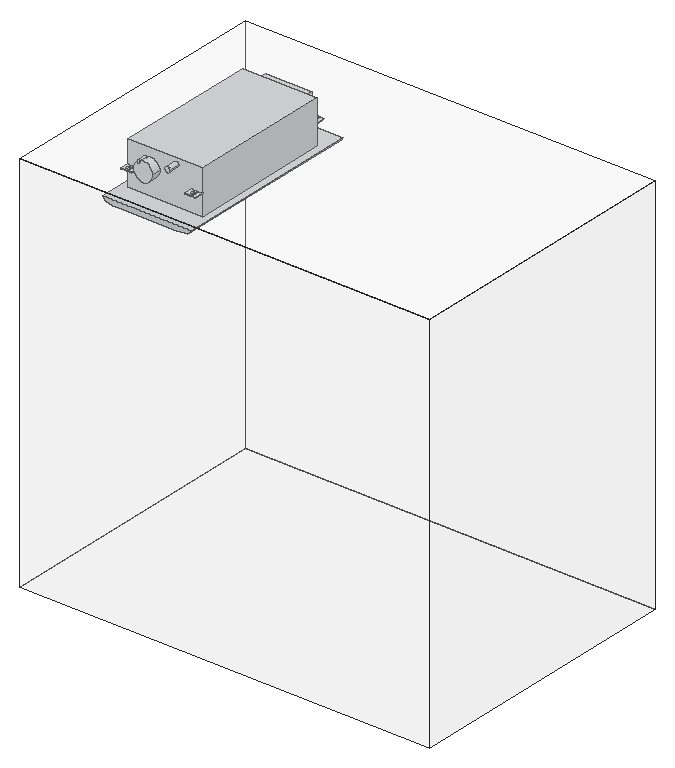
Revit family "pmfy-p22_45bmg7_60Hz", category 機械設備, Revit 2019
Family settings
  丸型コネクタ寸法 = 直径を使用
  パーツ タイプ = 標準
  OmniClass 番号 = 23.75.10.24.21.27.27
  OmniClass タイトル = Split System Air Conditioning Units
  作業面ベース = いいえ
  常に垂直 = はい
  ロード時にボイドで切り取り = いいえ
  共有 = いいえ
  部屋計算ポイント = はい
Parameters (values of type "天井1方向_PMFY-P22BMG7")
  風量_静 (m3/min) = 6.5
  風量_強 (m3/min) = 8.7
  風量_弱 (m3/min) = 7.2
  風量_中 (m3/min) = 8
  風量 = MAX風量  # 522.0 m³/h
  音響パワーレベル（静）(dB) = 43
  音響パワーレベル（強）(dB) = 50
  音響パワーレベル（弱）(dB) = 45
  音響パワーレベル（中）(dB) = 48
  電源種別 = ""
  電源_H = 0 mm
  電圧_電気ヒーター = 0 V
  電圧 = 200 V
  電動機出力_送風機 = 0.028 kW
  運転質量 = 0.00 kg
  連動 = ""
  質量 = if(製品質量 > 運転質量, 製品質量, 運転質量) * 1.2  # 20.40 kg
  負荷分類 = 3_ファン類
  構成品番 = "PMFY-P22BMG7"
  冷媒液管位置-Z = 96 mm
  冷媒液管位置-Y = 43 mm
  冷媒液管位置-X = 254 mm
  冷媒ガス管位置-Z = 176 mm
  冷媒ガス管位置-Y = 46 mm
  冷媒ガス管位置-X = 302 mm
  ドレン管径 (外径) = 26.00 mm
  ドレン管位置-Z = 198 mm
  ドレン管位置-Y = 56 mm
  ドレン管位置-X = 141 mm
  サービススペース = yes
  URL = "https://www.mitsubishielectric.co.jp/ldg/wink/ssl/displayProduct.do?pid=305430"
  Panel Width = 1000 mm
  Panel Height = 30 mm
  Panel Depth = 470 mm
  MIN２風量 = [風量_静 (m3/min)] * 60.0 m³/h  # 390.0 m³/h
  MIN風量 = [風量_弱 (m3/min)] * 60.0 m³/h  # 432.0 m³/h
  MID風量 = [風量_中 (m3/min)] * 60.0 m³/h  # 480.0 m³/h
  MAX風量 = [風量_強 (m3/min)] * 60.0 m³/h  # 522.0 m³/h
  説明 = "ビル用マルチエアコン 室内ユニット 1方向天井カセット形"
  設計暖房能力 = 0.00 kW
  設計冷房能力_顕熱 = 0 kW
  設計冷房能力 = 0 kW
  設置方法 = "カセット形"
  記号 = ""
  製造元 = "三菱電機株式会社"
  製品質量 = 17.00 kg
  製品出荷対象 = "国内"
  製品リリース年月 = "2021/07/22"
  製品グループ = ""
  系統 = ""
  符号 = "ACP-CK1"
  積算_科目 = "1 空気調和設備"
  積算_拾い区分 [instance] = ""
  相 = 1
  盤記号 = ""
  発停方法 = "付属スイッチ"
  特殊仕様 = ""
  火災停止 = ""
  消費電力_電気ヒーター = 0.00 kW
  消費電力_暖房 = 0.035 kW
  消費電力_加湿器 = 0.00 kW
  消費電力_冷房 = 0.035 kW
  消費電力 = if(消費電力_冷房 > 消費電力_暖房, 消費電力_冷房, 消費電力_暖房) + 消費電力_加湿器 + 消費電力_電気ヒーター  # 0.035 kW
  法定耐用年数 = "6"
  極数 = 1
  材質 = ""
  本体マテリアル = none
  有効加湿量 = 0
  暖房能力 = 2.50 kW
  推奨ブレーカー容量 = 15 A
  形式_加湿器 = ""
  形式 = "1方向天井カセット形"
  幹線記号 = ""
  始動方式 = "直入"
  呼称 = "パッケージ形空気調和機_室内機"
  周波数 = 60 Hz
  吊り位置Y = 811 mm
  吊り位置X = 340 mm
  吊りボルト_H = 110 mm
  台数_手元リモコン = ""
  台数_冷媒分岐ユニット = ""
  参照している仕様書等のバージョン = "公共建築工事標準仕様書（機械設備工事編）平成31年度版"
  加湿給水管径 = 0.00 mm
  分類コード = "50053003221010"
  分類グループ = ""
  冷房能力 = 2.2 kW
  冷媒高低圧ガス管径 = 0.00 mm
  冷媒管径符号 = "Ac"
  冷媒管径 = 100.00 mm
  冷媒液管径 = 6.35 mm
  冷媒ガス管径 = 12.70 mm
  企業コード = "108420"
  付属品_フィルター = ""
  付属品 = ""
  仕様書バージョン = "Version1.0"
  Model = ""
  パネルマテリアル = none
  ドレン管径 = 20.00 mm
  コメント [instance] = ""
  ケーブル種類 = ""
  ケーブルサイズ = 1.6 mm
  Width = 812 mm
  Version = ""
  Uniclass2015Version = "Systems v1.9"
  Uniclass2015Title = "Split coil remote air cooled condensing units"
  Uniclass2015Code = "Pr_70_65_03_84"
  SpecificationReference = ""
  SpecificationDescription = ""
  Revision = ""
  ProductInformation = ""
  OmniClassCode = "23-33 17 13 11"
  IfcTypeProduct = ""
  IfcProduct = ""
  IfcExportType = "AIRCONDITIONINGUNIT"
  IfcExportAs = "IfcUnitaryEquipmentType"
  Height = 230 mm
  Depth = 395 mm
  価格 = 0
  Clearance Top = 235 mm
  Clearance Right = 1500 mm
  Clearance Left = 200 mm
  Clearance Front = 300 mm
  Clearance Bottom = 1800 mm
  Clearance Back = 200 mm
  Author = "三菱電機株式会社"
Types (4, lengths in mm): name | 風量_静 (m3/min) | 風量_強 (m3/min) | 風量_弱 (m3/min) | 風量_中 (m3/min) | 風量 | 音響パワーレベル（静）(dB) | 音響パワーレベル（強）(dB) | 音響パワーレベル（弱）(dB) | 音響パワーレベル（中）(dB) | 構成品番 | URL | MIN２風量 | MIN風量 | MID風量 | MAX風量 | 消費電力_暖房 | 消費電力_冷房 | 消費電力 | 暖房能力 | 冷房能力
  天井1方向_PMFY-P22BMG7 | 6.5 | 8.7 | 7.2 | 8 | 522.0 m³/h | 43 | 50 | 45 | 48 | "PMFY-P22BMG7" | "https://www.mitsubishielectric.co.jp/ldg/wink/ssl/displayProduct.do?pid=305430" | 390.0 m³/h | 432.0 m³/h | 480.0 m³/h | 522.0 m³/h | 0.035 kW | 0.035 kW | 0.035 kW | 2.50 kW | 2.2 kW
  天井1方向_PMFY-P28BMG7 | 7.3 | 9.3 | 8 | 8.6 | 558.0 m³/h | 47 | 52 | 48 | 50 | "PMFY-P28BMG7" | "https://www.mitsubishielectric.co.jp/ldg/wink/ssl/displayProduct.do?pid=305431" | 438.0 m³/h | 480.0 m³/h | 516.0 m³/h | 558.0 m³/h | 0.037 kW | 0.037 kW | 0.037 kW | 3.20 kW | 2.8 kW
  天井1方向_PMFY-P36BMG7 | 7.3 | 9.3 | 8 | 8.6 | 558.0 m³/h | 47 | 52 | 48 | 50 | "PMFY-P36BMG7" | "https://www.mitsubishielectric.co.jp/ldg/wink/ssl/displayProduct.do?pid=305432" | 438.0 m³/h | 480.0 m³/h | 516.0 m³/h | 558.0 m³/h | 0.037 kW | 0.037 kW | 0.037 kW | 4.00 kW | 3.6 kW
  天井1方向_PMFY-P45BMG7 | 7.7 | 10.7 | 8.7 | 9.7 | 642.0 m³/h | 49 | 55 | 51 | 53 | "PMFY-P45BMG7" | "https://www.mitsubishielectric.co.jp/ldg/wink/ssl/displayProduct.do?pid=305433" | 462.0 m³/h | 522.0 m³/h | 582.0 m³/h | 642.0 m³/h | 0.045 kW | 0.045 kW | 0.045 kW | 5.00 kW | 4.5 kW
Reference planes
  plane 1 "中心(正面/背面)": y = 0
  plane 2: z = 0
  plane 3 "中心(左/右)": x = 0
  plane 4: x = -197.5
  plane 5: x = 197.5
  plane 6: z = 230
  plane 7: y = -379.5
  plane 8: y = 500
  plane 9: y = -500
  plane 10: y = 405.5
  plane 11: y = -405.5
  plane 12: x = -170
  plane 13: x = 170
  plane 14: y = 300
  plane 15: z = 110
  plane 16: y = 700
  plane 17: y = -800
  plane 18: x = 235
  plane 19: x = -235
  plane 20: x = 1735
  plane 21: x = -435
  plane 22: z = -1800
  plane 23: z = 235
  plane 24: z = -30
  plane 25: y = 432.5
  plane 26: x = 56.5
  plane 27: x = -56.5
  plane 28: x = -104.5
  plane 29: y = -422.5
  plane 30: y = -435.5
  plane 31: y = -425.5
  plane 32: z = 198
  plane 33: z = 176
  plane 34: z = 96
  plane 35: z = 150
  plane 36: x = 73.5
Dimensions and locks
  equal spacing: plane 4, plane 3 "中心(左/右)", plane 5
  "Depth": plane 4 to plane 5
  "Height": plane 6 to level
  equal spacing: plane 8, plane 1 "中心(正面/背面)", plane 9
  "Panel Width": plane 8 to plane 9
  equal spacing: plane 11, plane 1 "中心(正面/背面)", plane 10
  "吊り位置Y": plane 11 to plane 10
  equal spacing: plane 12, plane 3 "中心(左/右)", plane 13
  "吊り位置X": plane 12 to plane 13
  "Clearance Back": plane 16 to plane 8
  "Clearance Front": plane 9 to plane 17
  equal spacing: plane 19, plane 3 "中心(左/右)", plane 18
  "Panel Depth": plane 19 to plane 18
  "Clearance Left": plane 21 to plane 19
  "Clearance Bottom": level to plane 22
  "Clearance Top": plane 23 to level
  "Panel Height": level to plane 24
  "Width": plane 7 to plane 25
  "ドレン管位置-X": plane 26 to plane 5
  "冷媒液管位置-X": plane 27 to plane 5
  "冷媒ガス管位置-X": plane 28 to plane 5
  "冷媒液管位置-Y": plane 29 to plane 7
  "ドレン管位置-Y": plane 30 to plane 7
  "冷媒ガス管位置-Y": plane 7 to plane 31
  "ドレン管位置-Z": plane 32 to plane 2
  "冷媒ガス管位置-Z": plane 33 to plane 2
  "冷媒液管位置-Z": plane 34 to plane 2
  "Clearance Right": plane 18 to plane 20
  aligned and locked: level to plane 2
  aligned and locked: nested 2 to plane 12
  aligned and locked: plane 13 to nested 2
  aligned and locked: plane 10 to nested 2
  aligned and locked: plane 11 to nested 2  (x2)
  aligned and locked: nested 2 to plane 10
  aligned and locked: nested 2 to plane 13
  aligned and locked: plane 12 to nested 2
  aligned and locked: nested 3 to plane 16
  aligned and locked: plane 17 to nested 3
  aligned and locked: plane 20 to nested 3
  aligned and locked: nested 3 to plane 21
  aligned and locked: nested 3 to plane 23
  aligned and locked: nested 3 to plane 22
Nested families
  nested 1: "PMFY-P○○BMG7" at (0, 0, 0), type "PMFY-P○○BMG7"
    with ユニット表示 yes
  nested 2: "固定点" at (-170, -405.5, 110), type "固定点"
    with W 340 mm, D 811 mm
  nested 3: "サービススペース" at (650, -50, -782.5), visible <- "サービススペース", type "サービススペース"
    with Width 2170 mm, Height 2035 mm, Depth 1500 mm
Connectors
  electrical at (73.5, 431.602, 150), driven by "極数", driven by "負荷分類", driven by "電圧", driven by "消費電力"
    settings: on nested 1, index 1, voltage 200 V, apparent load 35 VA, apparent load phase1 0 VA, apparent load phase2 0 VA, apparent load phase3 0 VA, power factor 1, load classification "3_ファン類", number of poles 1, system type 30, power factor state 1, is connector primary yes, connector utility no, sub classification motor no, connector description ""
  piping at (-80.5, -425.5, 136), diameter 100, driven by "冷媒管径", driven by "冷媒管径符号"
    settings: on nested 1, index 2, connector inside diameter 609.60 mm, connector length 0 mm, flow factor 0, pipe flow 0.0 L/s, pressure drop 0.0 Pa, fitting loss kfactor 0, connector angle 0.00°, fixture units 0, engagement length 0 mm, angle of deflection 0.00°, flow configuration 1, flow direction 1, fitting loss method 4, system type 7, joint type 0, gender type 0, connector reference index -1, connector utility 0, adjustable connector no, is connector primary yes, connector description "Ac"
  piping at (56.5, -435.5, 198), diameter 26, driven by "ドレン管径 (外径)"
    settings: on nested 1, index 3, connector inside diameter 609.60 mm, connector length 0 mm, flow factor 0, pipe flow 0.0 L/s, pressure drop 0.0 Pa, fitting loss kfactor 0, connector angle 0.00°, fixture units 0, engagement length 0 mm, angle of deflection 0.00°, flow configuration 1, flow direction 2, fitting loss method 4, system type 16, joint type 0, gender type 0, connector reference index -1, connector utility 0, adjustable connector no, is connector primary no, connector description ""
Definition of nested family "PMFY-P○○BMG7"
  Parameters (values of type "PMFY-P○○BMG7")
    配線取出口サイズ = 30 mm
    電線用ノックアウト穴Z = 150 mm
    電線用ノックアウト穴X = 124 mm
    液配管サイズ = 6.35 mm
    冷媒ガス管位置-Z = 176 mm
    パネル外形-X = 470 mm
    パネル外形-Y = 幅さ + 188 mm  # 1000 mm
    高さ = 230 mm
    奥行き = 395 mm
    吊りボルト_H = 110 mm
    冷媒配管 = 100 mm
    冷媒液管位置-Z = 96 mm
    冷媒液管位置-Y = 43 mm
    冷媒液管位置-X = 254 mm
    冷媒ガス管位置-Y = 46 mm
    冷媒ガス管位置-X = 302 mm
    ユニット表示 [instance] = yes
    ボルトピッチ = 340 mm
    ドレン配管サイズ = 20 mm
    ドレン管位置-Z = 198 mm
    ドレン管位置-Y = 56 mm
    ドレン管位置-X = 141 mm
    ドレン管径 (外径) = 26 mm
    ガス配管サイズ = 12.7 mm
    D = 811 mm
    幅さ = 812 mm
  Reference planes
    plane 1 "中心(正面/背面)": y = 0
    plane 2: z = 0
    plane 3 "中心(左/右)": x = 0
    plane 4: y = 500
    plane 5: y = 379.5
    plane 6: y = -500
    plane 7: x = -235
    plane 8: x = 235
    plane 9: x = -197.5
    plane 10: x = 197.5
    plane 11: y = 432.5
    plane 12: y = -379.5
    plane 13: z = 230
    plane 14: y = 405.5
    plane 15: y = -405.5
    plane 16: x = -170
    plane 17: x = 170
    plane 18: z = 110
    plane 19: z = 111
    plane 20: z = 109
    plane 21: y = -435.5
    plane 22: x = 56.5
    plane 23: z = 198
    plane 24: x = -104.5
    plane 25: x = -56.5
    plane 26: y = -422.5
    plane 27: y = -425.5
    plane 28: z = 176
    plane 29: z = 96
    plane 30: x = 73.5
    plane 31: z = 150
    plane 32: y = 425.5
  Forms (mm)
    Extrusion 1, void
      sketch origin (0, 0, -30) x (0, -1, 0) y (1, 0, 0)
        loop
          line (-500, 195) -> (-290, 195) -> (-290, 125)
          arc (-290, 125) -> (-287.071, 117.929) -> (-280, 115) r 10
          line (-280, 115) -> (280, 115)
          arc (280, 115) -> (287.071, 117.929) -> (290, 125) r 10
          line (290, 125) -> (290, 195) -> (497.5, 195) -> (500, 197.5) -> (-500, 197.5) -> (-500, 195)
      from 0 to 8
    Extrusion 2, solid, visible <- "ユニット表示", detail levels fine
      sketch origin (0, 0, -30) x (0, -1, 0) y (1, 0, 0)
        loop
          line (-280, 129.824) -> (280, 129.824) -> (280, 189.824) -> (-280, 189.824) -> (-280, 129.824)
      from 0 to 8
    Extrusion 3, solid, visible <- "ユニット表示", detail levels fine
      sketch origin (0, 0, 0) x (1, 0, 0) y (0, 1, 0)
        loop
          line (-197.5, 379.5) -> (-197.5, -379.5) -> (197.5, -379.5) -> (197.5, 379.5) -> (-197.5, 379.5)
      from 0 to 230
    Extrusion 4, solid, visible <- "ユニット表示", detail levels fine
      sketch origin (0, 0, 0) x (1, 0, 0) y (0, 0, 1)
        loop
          circle (-80.5, 136) r 50
      from 379.5 to 425.5
    Extrusion 5, solid, visible <- "ユニット表示", detail levels fine
      sketch origin (0, 0, 0) x (1, 0, 0) y (0, 0, 1)
        loop
          circle (-104.5, 176) r 6.35
      from 425.5 to 379.5
    Extrusion 6, solid, visible <- "ユニット表示", detail levels fine
      sketch origin (0, 0, 0) x (1, 0, 0) y (0, 0, 1)
        loop
          circle (-56.5, 96) r 3.175
      from 422.5 to 379.5
    Extrusion 7, solid, visible <- "ユニット表示", detail levels fine
      sketch origin (0, 0, 0) x (1, 0, 0) y (0, 0, 1)
        loop
          circle (73.5, 150) r 15
      from -432.5 to -431.602
    Extrusion 8, solid, visible <- "ユニット表示", detail levels fine
      sketch origin (0, 0, 0) x (1, 0, 0) y (0, 0, 1)
        loop
          circle (56.5, 198) r 13
      from 379.5 to 435.5
    Extrusion 9, solid, visible <- "ユニット表示", detail levels fine
      sketch origin (0, 0, 0) x (1, 0, 0) y (0, 1, 0)
        loop
          line (-142, -425.5) -> (-142, -379.5) -> (-198, -379.5) -> (-198, -425.5) -> (-174, -425.5) -> (-174, -415.5)
          arc (-174, -415.5) -> (-183.963, -405.481) -> (-173.963, -395.5) r 10
          line (-173.963, -395.5) -> (-166.009, -395.5)
          arc (-166.009, -395.5) -> (-156.009, -405.496) -> (-166, -415.5) r 10
          line (-166, -415.5) -> (-166, -425.5) -> (-142, -425.5)
        loop
          line (142, -379.5) -> (142, -425.5) -> (166, -425.5) -> (166, -415.5)
          arc (166, -415.5) -> (156.009, -405.496) -> (166.009, -395.5) r 10
          line (166.009, -395.5) -> (173.963, -395.5)
          arc (173.963, -395.5) -> (183.963, -405.481) -> (174, -415.5) r 10
          line (174, -415.5) -> (174, -425.5) -> (198, -425.5) -> (198, -379.5) -> (142, -379.5)
        loop
          line (-142, 379.5) -> (-142, 425.5) -> (-166, 425.5) -> (-166, 415.5)
          arc (-166, 415.5) -> (-156.009, 405.496) -> (-166.009, 395.5) r 10
          line (-166.009, 395.5) -> (-173.963, 395.5)
          arc (-173.963, 395.5) -> (-183.963, 405.481) -> (-174, 415.5) r 10
          line (-174, 415.5) -> (-174, 425.5) -> (-198, 425.5) -> (-198, 379.5) -> (-142, 379.5)
        loop
          line (142, 425.5) -> (142, 379.5) -> (198, 379.5) -> (198, 425.5) -> (174, 425.5) -> (174, 415.5)
          arc (174, 415.5) -> (183.963, 405.481) -> (173.963, 395.5) r 10
          line (173.963, 395.5) -> (166.009, 395.5)
          arc (166.009, 395.5) -> (156.009, 405.496) -> (166, 415.5) r 10
          line (166, 415.5) -> (166, 425.5) -> (142, 425.5)
      from 109 to 111
    Extrusion 10, solid, visible <- "ユニット表示", detail levels fine
      sketch origin (0, 0, 0) x (1, 0, 0) y (0, 0, 1)
        loop
          line (-149.931, -30) -> (158.916, -30)
          arc (158.916, -30) -> (178.298, -28.765) -> (197.5, -25.851) r 223.291
          arc (197.5, -25.851) -> (205.218, -24.191) -> (212.873, -22.259) r 223.291
          arc (212.873, -22.259) -> (224.339, -16.257) -> (232.21, -5.984) r 30
          line (232.21, -5.984) -> (235, 0) -> (-235, 0) -> (-232.21, -5.984)
          arc (-232.21, -5.984) -> (-224.339, -16.257) -> (-212.873, -22.259) r 30
          arc (-212.873, -22.259) -> (-181.678, -28.376) -> (-149.931, -30) r 223.291
      from -500 to 500
    Extrusion 11, solid, visible <- "ユニット表示", detail levels fine
      sketch origin (0, 0, 0) x (1, 0, 0) y (0, 0, 1)
        loop
          line (-118.5, 210) -> (-118.5, 0) -> (128.5, 0) -> (128.5, 210) -> (-118.5, 210)
      from -432.5 to -379.5
  Cuts and joins
    Extrusion 1 cuts Extrusion 10
  Lines and regions (mm)
    model lines, visible <- "ユニット表示", detail levels fine
      curve 1: line (115, -280, -30) -> (115, 0, -30)
      curve 2: line (95, -500, -30) -> (95, 500, -30)
      curve 3: line (80, 500, -30) -> (80, -500, -30)
      curve 4: line (65, 500, -30) -> (65, -500, -30)
      curve 5: line (50, 500, -30) -> (50, -500, -30)
      curve 6: line (35, 500, -30) -> (35, -500, -30)
      curve 7: line (20, 500, -30) -> (20, -500, -30)
      curve 8: line (-134.931, -500, -30) -> (-134.931, 500, -30)
      curve 9: line (-119.931, -500, -30) -> (-119.931, 500, -30)
      curve 10: line (-104.931, -500, -30) -> (-104.931, 500, -30)
      curve 11: line (-119.931, 500, -30) -> (-119.931, -500, -30)
      curve 12: line (-89.931, -500, -30) -> (-89.931, 500, -30)
      curve 13: line (-74.931, -500, -30) -> (-74.931, 500, -30)
    symbolic lines, detail levels coarse+medium
      curve 14: line (-235, 500, 0) -> (235, 500, 0)
      curve 15: line (-235, -500, 0) -> (-235, 500, 0)
      curve 16: line (235, -500, 0) -> (-235, -500, 0)
      curve 17: line (235, 500, 0) -> (235, -500, 0)
  Dimensions and locks
    equal spacing: plane 4, plane 1 "中心(正面/背面)", plane 6
    "パネル外形-Y": plane 4 to plane 6
    equal spacing: plane 9, plane 3 "中心(左/右)", plane 10
    "奥行き": plane 9 to plane 10
    "パネル外形-X": plane 7 to plane 8
    "幅さ": plane 11 to plane 12
    "高さ": plane 13 to level
    equal spacing: plane 14, plane 1 "中心(正面/背面)", plane 15
    "D": plane 14 to plane 15
    "吊りボルト_H": level to plane 18
    plane 20 to plane 19 = 2 mm
    plane 14 to plane 5 = 26 mm
    plane 12 to plane 15 = 26 mm
    equal spacing: plane 16, plane 3 "中心(左/右)", plane 17
    "ボルトピッチ": plane 16 to plane 17
    "ドレン管位置-Y": plane 12 to plane 21
    "ドレン管位置-X": plane 22 to plane 10
    "ドレン管位置-Z": plane 23 to level
    "冷媒ガス管位置-X": plane 24 to plane 10
    "冷媒液管位置-X": plane 25 to plane 10
    "冷媒ガス管位置-Y": plane 12 to plane 27
    "冷媒液管位置-Y": plane 12 to plane 26
    "冷媒ガス管位置-Z": plane 28 to level
    plane 19 to plane 20 = 2 mm
    "電線用ノックアウト穴Z": level to plane 31
    "冷媒液管位置-Z": plane 29 to level
    "電線用ノックアウト穴X": plane 30 to plane 10
    plane 5 to plane 12 = 759 mm
    plane 32 to plane 14 = 20 mm
    plane 15 to plane 27 = 20 mm
    aligned and locked: level to plane 2
    aligned and locked: curve 17 to plane 8
    aligned and locked: plane 7 to curve 15
    aligned and locked: plane 13 to Extrusion 3
    aligned and locked: Extrusion 3 to plane 9
    aligned and locked: Extrusion 3 to plane 10
  Automatic sketch dimensions
    curve 8 to curve 9 = 15 mm
    curve 11 to curve 9 = 0 mm
    curve 9 to curve 10 = 15 mm
    curve 10 to curve 12 = 15 mm
    curve 12 to curve 13 = 15 mm
    curve 13 to curve 7 = 94.931 mm
    curve 7 to curve 6 = 15 mm
    curve 6 to curve 5 = 15 mm
    curve 5 to curve 4 = 15 mm
    curve 4 to curve 3 = 15 mm
    curve 3 to curve 2 = 15 mm
    Extrusion 1 sketch curve to plane 4 = 0 mm
    Extrusion 1 sketch curve to plane 6 = 0 mm
    Extrusion 1 sketch curve to plane 5 = 89.5 mm
    Extrusion 1 sketch curve to Extrusion 1 sketch curve = 10 mm  (x2)
    plane 6 to Extrusion 1 sketch curve = 2.5 mm
    plane 3 "中心(左/右)" to Extrusion 1 sketch curve = 115 mm
    Extrusion 1 sketch curve to Extrusion 1 sketch curve = 70 mm  (x2)
    Extrusion 1 sketch curve to Extrusion 1 sketch curve = 2.5 mm
    Extrusion 2 sketch curve to plane 5 = 99.5 mm
    plane 3 "中心(左/右)" to Extrusion 2 sketch curve = 129.824 mm
    Extrusion 2 sketch curve to Extrusion 2 sketch curve = 60 mm
    plane 6 to Extrusion 1 sketch curve = 220 mm
    plane 6 to Extrusion 2 sketch curve = 220 mm
    curve 16 to plane 6 = 0 mm
    curve 15 to plane 4 = 0 mm
    Extrusion 3 sketch curve to plane 9 = 0 mm
    Extrusion 3 sketch curve to plane 12 = 0 mm
    Extrusion 3 sketch curve to plane 5 = 0 mm
    Extrusion 3 sketch curve to plane 17 = 27.5 mm
    Extrusion 4 sketch curve to plane 24 = 24 mm
    Extrusion 4 sketch curve to plane 31 = 14 mm
    plane 24 to Extrusion 5 sketch curve = 0 mm
    Extrusion 5 sketch curve to plane 28 = 0 mm
    plane 25 to Extrusion 6 sketch curve = 0 mm
    Extrusion 6 sketch curve to plane 29 = 0 mm
    plane 30 to Extrusion 7 sketch curve = 0 mm
    Extrusion 7 sketch curve to plane 31 = 0 mm
    plane 22 to Extrusion 8 sketch curve = 0 mm
    Extrusion 8 sketch curve to plane 23 = 0 mm
    Extrusion 9 sketch curve to plane 27 = 0 mm  (x4)
    Extrusion 9 sketch curve to plane 12 = 0 mm  (x2)
    Extrusion 9 sketch curve to plane 15 = 0 mm  (x4)
    Extrusion 9 sketch curve to plane 9 = 0.5 mm  (x2)
    Extrusion 9 sketch curve to plane 16 = 4 mm  (x2)
    Extrusion 9 sketch curve to plane 16 = 3.963 mm  (x2)
    plane 16 to Extrusion 9 sketch curve = 3.991 mm  (x2)
    plane 16 to Extrusion 9 sketch curve = 4 mm  (x2)
    plane 16 to Extrusion 9 sketch curve = 28 mm  (x2)
    plane 26 to Extrusion 9 sketch curve = 7 mm  (x2)
    plane 17 to Extrusion 9 sketch curve = 28 mm  (x2)
    plane 17 to Extrusion 9 sketch curve = 4 mm  (x2)
    plane 17 to Extrusion 9 sketch curve = 3.991 mm  (x2)
    Extrusion 9 sketch curve to plane 17 = 3.963 mm  (x2)
    Extrusion 9 sketch curve to plane 17 = 4 mm  (x2)
    Extrusion 9 sketch curve to plane 10 = 0.5 mm  (x2)
    Extrusion 9 sketch curve to plane 32 = 0 mm  (x4)
    Extrusion 9 sketch curve to plane 5 = 0 mm  (x2)
    Extrusion 9 sketch curve to plane 14 = 0 mm  (x4)
    Extrusion 9 sketch curve to plane 14 = 10 mm  (x2)
    Extrusion 10 sketch curve to Extrusion 10 sketch curve = 0 mm  (x2)
    Extrusion 10 sketch curve to level = 0 mm
    Extrusion 10 sketch curve to plane 7 = 0 mm
    plane 10 to Extrusion 10 sketch curve = 0 mm
    Extrusion 10 sketch curve to plane 8 = 0 mm
    plane 7 to Extrusion 10 sketch curve = 2.79 mm
    Extrusion 10 sketch curve to plane 9 = 7.52 mm
    Extrusion 10 sketch curve to plane 23 = 4.754 mm  (x2)
    plane 16 to Extrusion 10 sketch curve = 15.576 mm
    plane 16 to Extrusion 10 sketch curve = 20.069 mm
    plane 17 to Extrusion 10 sketch curve = 15.576 mm
    plane 17 to Extrusion 10 sketch curve = 11.084 mm
    Extrusion 10 sketch curve to plane 10 = 7.52 mm
    Extrusion 10 sketch curve to plane 8 = 2.79 mm
    Extrusion 10 sketch curve to level = 5.984 mm  (x2)
    Extrusion 10 sketch curve to level = 30 mm
    level to Extrusion 10 sketch curve = 6.695 mm  (x2)
    curve 13 to plane 4 = 0 mm
    curve 8 to plane 4 = 0 mm
    curve 12 to plane 4 = 0 mm
    curve 2 to plane 4 = 0 mm
    curve 3 to plane 4 = 0 mm
    curve 11 to plane 4 = 0 mm
    curve 4 to plane 4 = 0 mm
    curve 10 to plane 4 = 0 mm
    curve 5 to plane 4 = 0 mm
    curve 9 to plane 4 = 0 mm
    curve 6 to plane 4 = 0 mm
    curve 7 to plane 4 = 0 mm
    plane 1 "中心(正面/背面)" to curve 1 = 0 mm
    curve 8 to plane 6 = 0 mm
    curve 6 to plane 6 = 0 mm
    curve 9 to plane 6 = 0 mm
    curve 5 to plane 6 = 0 mm
    curve 10 to plane 6 = 0 mm
    curve 4 to plane 6 = 0 mm
    curve 3 to plane 6 = 0 mm
    curve 11 to plane 6 = 0 mm
    curve 12 to plane 6 = 0 mm
    curve 2 to plane 6 = 0 mm
    curve 13 to plane 6 = 0 mm
    curve 7 to plane 6 = 0 mm
    plane 24 to curve 8 = 30.431 mm
    curve 1 to plane 30 = 41.5 mm
    plane 12 to curve 1 = 99.5 mm
    Extrusion 11 sketch curve to level = 0 mm
    plane 24 to Extrusion 11 sketch curve = 14 mm
    plane 17 to Extrusion 11 sketch curve = 41.5 mm
    plane 23 to Extrusion 11 sketch curve = 12 mm
    radius of Extrusion 4 sketch curve = 50 mm
    radius of Extrusion 5 sketch curve = 6.35 mm
    radius of Extrusion 6 sketch curve = 3.175 mm
    radius of Extrusion 7 sketch curve = 15 mm
    radius of Extrusion 8 sketch curve = 13 mm
Definition of nested family "サービススペース"
  Parameters
    Width [instance] = 500 mm
    Height [instance] = 500 mm
    Depth [instance] = 500 mm
  Reference planes
    plane 1 "中心(正面/背面)": y = 0
    plane 2: z = 0
    plane 3 "中心(左/右)": x = 0
    plane 4: y = -250
    plane 5: x = 250
    plane 6: y = 250
    plane 7: x = -250
    plane 8: z = 250
    plane 9: z = -250
  Forms (mm)
    Extrusion 1, solid
      sketch origin (-638.939, 0, 72.39) x (1, 0, 0) y (0, 1, 0)
        loop
          line (388.939, 250) -> (388.939, -250) -> (888.939, -250) -> (888.939, 250) -> (388.939, 250)
      from -322.39 to 177.61
  Lines and regions (mm)
    symbolic lines
      curve 1: line (-250, 0, 250) -> (250, 0, 250)
      curve 2: line (-250, 0, -250) -> (-250, 0, 250)
      curve 3: line (250, 0, -250) -> (-250, 0, -250)
      curve 4: line (250, 0, 250) -> (250, 0, -250)
      curve 5: line (0, -250, 250) -> (0, 250, 250)
      curve 6: line (0, -250, -250) -> (0, -250, 250)
      curve 7: line (0, 250, -250) -> (0, -250, -250)
      curve 8: line (0, 250, 250) -> (0, 250, -250)
      curve 9: line (-250, 250, 0) -> (250, 250, 0)
      curve 10: line (-250, -250, 0) -> (-250, 250, 0)
      curve 11: line (250, -250, 0) -> (-250, -250, 0)
      curve 12: line (250, 250, 0) -> (250, -250, 0)
  Dimensions and locks
    equal spacing: plane 7, plane 3 "中心(左/右)", plane 5
    equal spacing: plane 4, plane 1 "中心(正面/背面)", plane 6
    "Depth": plane 4 to plane 6
    "Width": plane 7 to plane 5
    equal spacing: plane 8, plane 2, plane 9
    "Height": plane 8 to plane 9
    aligned and locked: plane 9 to curve 3
    aligned and locked: plane 7 to curve 2
    aligned and locked: curve 4 to plane 5
    aligned and locked: plane 5 to Extrusion 1
    aligned and locked: Extrusion 1 to plane 7
    aligned and locked: Extrusion 1 to plane 9
    aligned and locked: plane 8 to Extrusion 1
    aligned and locked: plane 9 to curve 7
  Automatic sketch dimensions
    plane 4 to Extrusion 1 sketch curve = 0 mm
    Extrusion 1 sketch curve to plane 7 = 0 mm
    Extrusion 1 sketch curve to plane 5 = 0 mm
    plane 6 to Extrusion 1 sketch curve = 0 mm
    curve 2 to plane 8 = 0 mm
    plane 4 to curve 11 = 0 mm
    curve 11 to plane 7 = 0 mm
    curve 11 to plane 5 = 0 mm
    plane 6 to curve 10 = 0 mm
    curve 7 to plane 4 = 0 mm
    curve 7 to plane 6 = 0 mm
    curve 6 to plane 8 = 0 mm
Definition of nested family "固定点"
  Parameters (values of type "固定点")
    中心円 = 20 mm
    W [instance] = 1000 mm
    D [instance] = 1000 mm
  Reference planes
    plane 1 "中心(正面/背面)": y = 0
    plane 2: z = 0
    plane 3 "中心(左/右)": x = 0
    plane 4: x = 1000
    plane 5: y = 1000
  Lines and regions (mm)
    symbolic lines, detail levels fine
      curve 1: line (-200, 1000, 0) -> (1200, 1000, 0)
      curve 2: line (-200, 0, 0) -> (1200, 0, 0)
      curve 3: line (0, 1200, 0) -> (0, -200, 0)
      curve 4: line (1000, 1200, 0) -> (1000, -200, 0)
    model lines, detail levels fine
      curve 5: circle (0, 1000, 0) r 10 normal (0, 0, 1)
      curve 6: circle (1000, 1000, 0) r 10 normal (0, 0, 1)
      curve 7: circle (1000, 0, 0) r 10 normal (0, 0, 1)
      curve 8: circle (0, 0, 0) r 10 normal (0, 0, 1)
  Dimensions and locks
    "W": plane 3 "中心(左/右)" to plane 4
    "D": plane 1 "中心(正面/背面)" to plane 5
    "中心円": diameter of curve 5
    "中心円": diameter of curve 8
    "中心円": diameter of curve 7
    "中心円": diameter of curve 6
    aligned and locked: level to plane 2
    aligned and locked: plane 1 "中心(正面/背面)" to curve 2
    aligned and locked: curve 3 to plane 3 "中心(左/右)"
    aligned and locked: curve 4 to plane 4
  Automatic sketch dimensions
    curve 1 to plane 5 = 0 mm
    curve 5 to plane 3 "中心(左/右)" = 0 mm
    plane 1 "中心(正面/背面)" to curve 8 = 0 mm
    curve 8 to plane 3 "中心(左/右)" = 0 mm
    plane 1 "中心(正面/背面)" to curve 7 = 0 mm
    curve 7 to plane 4 = 0 mm
    curve 6 to plane 4 = 0 mm
    curve 5 to plane 5 = 0 mm
    curve 6 to plane 5 = 0 mm
    curve 1 to plane 3 "中心(左/右)" = 200 mm
    curve 2 to plane 3 "中心(左/右)" = 200 mm
    curve 6 to curve 1 = 200 mm
    curve 7 to curve 2 = 200 mm
    plane 1 "中心(正面/背面)" to curve 3 = 200 mm
    plane 1 "中心(正面/背面)" to curve 4 = 200 mm
    curve 6 to curve 4 = 200 mm
    curve 5 to curve 3 = 200 mm
